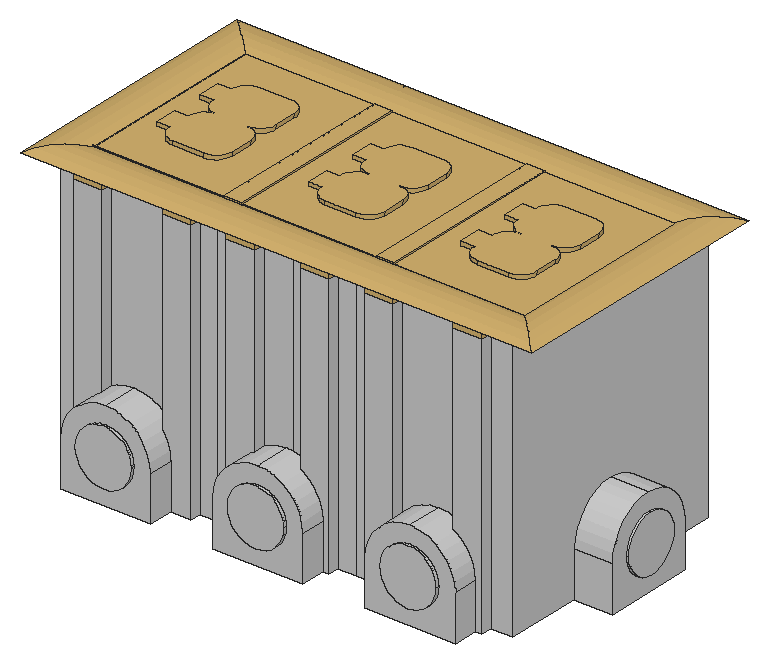
Revit family "Electrical_Equipment-Floor_Box-Hubbell_Wiring-3_Gang-Rectangular_Metal_Cover-PFBRG3", category Electrical Fixtures, host Face, Revit 2015
Parameters (values of type "PFBRG3 - 3 Gang - Metal Cover")
  Unit Height Note [instance] = "Min = 3.0in.  Max = 6.0in."  # constant formula
  Unit Height [instance] = 0' - 6"
  URL = "http://www.hubbell-wiring.com/"
  Right Cover Type [instance] = Covers : S3825 - Duplex Flap - Brass
  Product data url = "https://bimobject.com/hubbellwiring/product/systemone-pfbrg3m"
  Product Page URL = "http://ecatalog.hubbell-wiring.com/productinformation/viewcatalog.aspx?Dest=hubbell-wiring.com/press/catalog/L.pdf&Page=4"
  Product Documentation Link = "http://ecatalog.hubbell-wiring.com/press/catalog/L-11.pdf"
  Model = "PFBRG3"
  Manufacturer = "Hubbell-Wiring"  # constant formula
  Left Cover Type [instance] = Covers : S3825 - Duplex Flap - Brass
  Floor Box Type = Non_Metallic Concrete Floor Box : PFBRG3 - Non_Metallic Concrete Floor Box
  Description = "Flush Rectangular Non-Metallic Concrete Floor Boxes with Metal Covers"  # constant formula
  Default Elevation = 0' - 0"
  Cover Accessory Type [instance] = Carpet Flange : SA3085 - 2-Piece Carpet Flange - Aluminum
  Construction Note [instance] = "2-Piece Carpet Flange Uses Adapter Frame S5017G or SA5017G"  # constant formula
  Conduit Connector_8 Description = "Conduit 1.25in. Connection"  # constant formula
  Conduit Connector_7 Description = "Conduit 1.25in. Connection"  # constant formula
  Conduit Connector_6 Description = "Conduit 1.25in. Connection"  # constant formula
  Conduit Connector_5 Description = "Conduit 1.25in. Connection"  # constant formula
  Conduit Connector_4 Description = "Conduit 1.25in. Connection"  # constant formula
  Conduit Connector_3 Description = "Conduit 1.25in. Connection"  # constant formula
  Conduit Connector_2 Description = "Conduit 1.25in. Connection"  # constant formula
  Conduit Connector_1 Description = "Conduit 1.25in. Connection"  # constant formula
  Conduit Connector 1 Radius = 0' - 0 5/8"  # constant formula
  Collar Material = Metal-Hubbell-Brass
  Center Cover Type [instance] = Covers : S3825 - Duplex Flap - Brass
  Box Material = Non_Metallic-Hubbell-Plastic
  Assembly Code = "D5020115"
  Adapter Ring Part Number = "PFBRAC"
  Adapter Frame Part Number = "S5017G / SA5017G"
Reference planes (in)
  plane 1 "Center (Front/Back)": y = 0
  plane 2: z = 0
  plane 3 "Center (Left/Right)": x = 0
Forms (in)
  Extrusion 1, void, detail levels fine
    sketch origin (0, 0, 0) x (1, 0, 0) y (0, 1, 0)
      loop
        line (-5.01062, 3) -> (-5.01062, -3) -> (5.01063, -3) -> (5.01063, 3) -> (-5.01062, 3)
    from 0 to -6
Lines and regions (in)
  symbolic lines
    curve 1: line (-5.67, 3, 0) -> (5.67, 3, 0)
    curve 2: line (-5.67, -3, 0) -> (-5.67, 3, 0)
    curve 3: line (5.67, -3, 0) -> (-5.67, -3, 0)
    curve 4: line (5.67, 3, 0) -> (5.67, -3, 0)
    curve 5: line (-5.01062, 0, -6) -> (-5.01062, 0, 0)
    curve 6: line (5.01063, 0, -6) -> (-5.01062, 0, -6)
    curve 7: line (5.01063, 0, 0) -> (5.01063, 0, -6)
    curve 8: line (-5.01062, 0, -6) -> (-6.01937, 0, -6)
    curve 9: line (-6.01937, 0, -4) -> (-5.01062, 0, -4)
    curve 10: line (-6.01937, 0, -6) -> (-6.01937, 0, -4)
    curve 11: line (5.86062, 0, -6) -> (5.01063, 0, -6)
    curve 12: line (5.86062, 0, -4) -> (5.86062, 0, -6)
    curve 13: line (5.01063, 0, -4) -> (5.86062, 0, -4)
    curve 14: line (0, -2.955, -6) -> (0, -2.955, 0)
    curve 15: line (0, 2.955, -6) -> (0, -2.955, -6)
    curve 16: line (0, 2.955, 0) -> (0, 2.955, -6)
    curve 17: line (0, -3.50179, -4) -> (0, -2.955, -4)
    curve 18: line (0, -3.50179, -6) -> (0, -3.50179, -4)
    curve 19: line (0, -2.955, -6) -> (0, -3.50179, -6)
    curve 20: line (0, 3.56429, -6) -> (0, 2.955, -6)
    curve 21: line (0, 3.56429, -4) -> (0, 3.56429, -6)
    curve 22: line (0, 2.955, -4) -> (0, 3.56429, -4)
    curve 23: line (0, 2.955, -6) -> (0, 2.955, -4)
    curve 24: line (-5.67, 0, 0.0002) -> (5.67, 0, 0.0002)
    curve 25: line (-5.67, 0, 0.125) -> (-5.67, 0, 0.0002)
    curve 26: line (5.67, 0, 0.125) -> (-5.67, 0, 0.125)
    curve 27: line (5.67, 0, 0.0002) -> (5.67, 0, 0.125)
    curve 28: line (0, 3, -2.39471) -> (0, 3, 0)
    curve 29: line (0, -3, -2.39471) -> (0, 3, -2.39471)
    curve 30: line (0, -3, 0) -> (0, -3, -2.39471)
    curve 31: line (0, 3, 0) -> (0, -79.70833, 0)
Dimensions and locks (in)
  locked: host face to nested 3 at 0.04297
  aligned and locked: plane 2 to host face
  aligned and locked: level to host face
  aligned: level to Extrusion 1
  aligned and locked: plane 1 "Center (Front/Back)" to nested 1
  aligned: plane 2 to nested 1  (x4)
  aligned: Extrusion 1 to nested 1  (x8)
  aligned and locked: plane 1 "Center (Front/Back)" to nested 2
  aligned and locked: plane 3 "Center (Left/Right)" to nested 2
  aligned and locked: plane 3 "Center (Left/Right)" to nested 1
  aligned: plane 2 to nested 2
  aligned: Extrusion 1 to nested 2  (x2)
  aligned: nested 1 to Extrusion 1
  aligned: nested 2 to plane 2  (x2)
  aligned and locked: host face to Extrusion 1
  aligned and locked: plane 1 "Center (Front/Back)" to nested 3
  aligned: nested 3 to nested 1  (x2)
  aligned: nested 4 to nested 1  (x2)
  aligned and locked: plane 1 "Center (Front/Back)" to nested 4
  aligned and locked: nested 4 to nested 3
  aligned and locked: plane 3 "Center (Left/Right)" to nested 5
  aligned and locked: plane 1 "Center (Front/Back)" to nested 5
  aligned and locked: nested 4 to nested 5
  aligned and locked: nested 1 to nested 3
  aligned and locked: nested 4 to nested 1
  aligned and locked: Extrusion 1 to nested 1  (x3)
  aligned and locked: plane 2 to nested 1
  aligned and locked: nested 2 to host face
  aligned and locked: Extrusion 1 to nested 2
  aligned and locked: curve 1 to nested 2
  aligned and locked: curve 2 to nested 2
  aligned and locked: curve 4 to nested 2
  aligned and locked: curve 3 to nested 2
  aligned and locked: curve 5 to nested 1
  aligned and locked: curve 6 to nested 1
  aligned and locked: curve 6 to curve 8
  aligned and locked: curve 10 to nested 1
  aligned and locked: curve 11 to nested 1
  aligned and locked: curve 12 to nested 1
  aligned and locked: curve 14 to nested 1
  aligned and locked: nested 1 to curve 15
  aligned and locked: curve 16 to nested 1
  aligned and locked: curve 18 to nested 1
  aligned and locked: curve 15 to curve 19
  aligned and locked: curve 20 to nested 1
  aligned and locked: curve 23 to curve 16
  aligned and locked: curve 17 to curve 22
  aligned and locked: curve 25 to nested 2
  aligned and locked: nested 2 to curve 27
  aligned and locked: nested 2 to curve 28
  aligned and locked: curve 30 to nested 2
  aligned and locked: curve 31 to plane 2
  aligned and locked: Extrusion 1 sketch curve to curve 3
Nested families (in)
  nested 1: "Non_Metallic Concrete Floor Box" at (-3.37688, 0, 0), Unit Height <- "Unit Height", type <- "Floor Box Type", type "PFBRG3 - Non_Metallic Concrete Floor Box"
    with Unit Height 0' - 6"
  nested 2: "Carpet Flange" at (0, 0, 0), type <- "Cover Accessory Type", type "SA3085 - 2-Piece Carpet Flange - Aluminum"
  nested 3: "Covers" at (-3.37687, 0, -0.04297), type <- "Left Cover Type", type "S3825 - Duplex Flap - Brass"
  nested 4: "Covers" at (3.37688, 0, -0.04297), type <- "Right Cover Type", type "S3825 - Duplex Flap - Brass"
  nested 5: "Covers" at (0, 0, -0.04297), type <- "Center Cover Type", type "S3825 - Duplex Flap - Brass"
Connectors (in)
  cabletrayconduit at (-3.37687, -3.56429, -5), diameter 1.25, driven by "Conduit Connector 1 Radius", driven by "Conduit Connector_1 Description"
    settings: on nested 1, index 1, connector width 1' - 0", connector height 1' - 0", connector angle 0.00°, system type 32, placement type 0, profile type 0, connector reference index -1, is primary connector yes, connector utility param no, connector description "Conduit 1.25in. Connection"
  cabletrayconduit at (0, -3.56429, -5), diameter 1.25, driven by "Conduit Connector 1 Radius", driven by "Conduit Connector_2 Description"
    settings: on nested 1, index 2, connector width 1' - 0", connector height 1' - 0", connector angle 0.00°, system type 32, placement type 0, profile type 0, connector reference index -1, is primary connector no, connector utility param no, connector description "Conduit 1.25in. Connection"
  cabletrayconduit at (3.37688, -3.56429, -5), diameter 1.25, driven by "Conduit Connector 1 Radius", driven by "Conduit Connector_3 Description"
    settings: on nested 1, index 3, connector width 1' - 0", connector height 1' - 0", connector angle 0.00°, system type 32, placement type 0, profile type 0, connector reference index -1, is primary connector no, connector utility param no, connector description "Conduit 1.25in. Connection"
  cabletrayconduit at (5.92312, -0.00392, -5), diameter 1.25, driven by "Conduit Connector 1 Radius", driven by "Conduit Connector_4 Description"
    settings: on nested 1, index 4, connector width 1' - 0", connector height 1' - 0", connector angle 0.00°, system type 32, placement type 0, profile type 0, connector reference index -1, is primary connector no, connector utility param no, connector description "Conduit 1.25in. Connection"
  cabletrayconduit at (3.37688, 3.56429, -5), diameter 1.25, driven by "Conduit Connector 1 Radius", driven by "Conduit Connector_5 Description"
    settings: on nested 1, index 5, connector width 1' - 0", connector height 1' - 0", connector angle 0.00°, system type 32, placement type 0, profile type 0, connector reference index -1, is primary connector no, connector utility param no, connector description "Conduit 1.25in. Connection"
  cabletrayconduit at (0, 3.56429, -5), diameter 1.25, driven by "Conduit Connector 1 Radius", driven by "Conduit Connector_6 Description"
    settings: on nested 1, index 6, connector width 1' - 0", connector height 1' - 0", connector angle 0.00°, system type 32, placement type 0, profile type 0, connector reference index -1, is primary connector no, connector utility param no, connector description "Conduit 1.25in. Connection"
  cabletrayconduit at (-3.37687, 3.56429, -5), diameter 1.25, driven by "Conduit Connector 1 Radius", driven by "Conduit Connector_7 Description"
    settings: on nested 1, index 7, connector width 1' - 0", connector height 1' - 0", connector angle 0.00°, system type 32, placement type 0, profile type 0, connector reference index -1, is primary connector no, connector utility param no, connector description "Conduit 1.25in. Connection"
  cabletrayconduit at (-6.08187, 0, -5), diameter 1.25, driven by "Conduit Connector 1 Radius", driven by "Conduit Connector_8 Description"
    settings: on nested 1, index 8, connector width 1' - 0", connector height 1' - 0", connector angle 0.00°, system type 32, placement type 0, profile type 0, connector reference index -1, is primary connector no, connector utility param no, connector description "Conduit 1.25in. Connection"
Definition of nested family "Non_Metallic Concrete Floor Box"
  Parameters
    Unit Height [instance] = 0' - 6"
    Cover Material = none
    Conduit Connector Offset = 0' - 1"
    Conduit Connector 1 Radius = 0' - 0 5/8"
    Can Material = none
    Assembly Code = ""
  Reference planes (in)
    plane 1 "Center (Front/Back)": y = 0
    plane 2: z = 0
    plane 3 "Left Cover": x = 0
    plane 4: z = -6
    plane 5: z = -5
    plane 6 "Center Cover": x = 3.37688
    plane 7 "Right Cover": x = 6.75375
  Forms (in)
    Extrusion 1, solid, material <- "Can Material"
      sketch origin (0, 0, 0) x (1, 0, 0) y (0, 0, -1)
        loop
          arc (-0.625, 5) -> (-0.44194, 4.55806) -> (0, 4.375) r 0.625
          arc (0, 4.375) -> (0.44194, 4.55806) -> (0.625, 5) r 0.625
          arc (0.625, 5) -> (0.44194, 5.44194) -> (0, 5.625) r 0.625
          arc (0, 5.625) -> (-0.44194, 5.44194) -> (-0.625, 5) r 0.625
      from -3.50179 to -3.56429
    Extrusion 2, solid, material <- "Can Material"
      sketch origin (0, 0, -2) x (1, 0, 0) y (0, 0, 1)
        loop
          line (-1, -4) -> (1, -4) -> (1, -3)
          arc (1, -3) -> (0.70711, -2.29289) -> (0, -2) r 1
          arc (0, -2) -> (-0.70711, -2.29289) -> (-1, -3) r 1
          line (-1, -3) -> (-1, -4)
      from 2.705 to 3.50179
    Extrusion 3, solid, material <- "Can Material"
      sketch origin (0, 0, 0) x (1, 0, 0) y (0, 0, 1)
        loop
          arc (-0.625, -5) -> (-0.44194, -5.44194) -> (0, -5.625) r 0.625
          arc (0, -5.625) -> (0.44194, -5.44194) -> (0.625, -5) r 0.625
          arc (0.625, -5) -> (0.44194, -4.55806) -> (0, -4.375) r 0.625
          arc (0, -4.375) -> (-0.44194, -4.55806) -> (-0.625, -5) r 0.625
      from -3.50179 to -3.56429
    Extrusion 4, solid, material <- "Can Material"
      sketch origin (0, 0, 0) x (1, 0, 0) y (0, 0, -1)
        loop
          arc (-1, 5) -> (-0.70711, 4.29289) -> (0, 4) r 1
          arc (0, 4) -> (0.70711, 4.29289) -> (1, 5) r 1
          line (1, 5) -> (1, 6) -> (-1, 6) -> (-1, 5)
      from 2.705 to 3.50179
    Extrusion 5, solid, material <- "Can Material"
      sketch origin (0, 0, 0) x (0, 1, 0) y (0, 0, 1)
        loop
          arc (-0.625, -5) -> (-0.44194, -5.44194) -> (0, -5.625) r 0.625
          arc (0, -5.625) -> (0.44194, -5.44194) -> (0.625, -5) r 0.625
          arc (0.625, -5) -> (0.44194, -4.55806) -> (0, -4.375) r 0.625
          arc (0, -4.375) -> (-0.44194, -4.55806) -> (-0.625, -5) r 0.625
      from -2.6425 to -2.705
    Extrusion 6, solid, material <- "Can Material"
      sketch origin (0, 0, 0) x (0, 1, 0) y (0, 0, -1)
        loop
          line (-1, 6) -> (-1, 5)
          arc (-1, 5) -> (-0.70711, 4.29289) -> (0, 4) r 1
          arc (0, 4) -> (0.70711, 4.29289) -> (1, 5) r 1
          line (1, 5) -> (1, 6) -> (-1, 6)
      from 1.4965 to 2.6425
    Extrusion 7, solid, material <- "Cover Material"
      sketch origin (0, 0, 0.22509) x (1, 0, 0) y (0, 1, 0)
        loop
          line (4.87338, 2.078) -> (1.88038, 2.078) -> (1.88038, -2.078) -> (4.87338, -2.078) -> (4.87338, 2.078)
        loop
          line (-1.4965, 2.078) -> (-1.4965, -2.078) -> (1.4965, -2.078) -> (1.4965, 2.078) -> (-1.4965, 2.078)
        loop
          line (-1.14044, 2.705) -> (-1.63375, 2.705) -> (-1.63375, -2.705) -> (-1.14044, -2.705) -> (-1.14044, -2.955) -> (-0.51424, -2.955) -> (-0.51424, -2.705) -> (0.82674, -2.705) -> (0.82674, -2.955) -> (1.45294, -2.955) -> (1.45294, -2.705) -> (1.82958, -2.705) -> (2.23644, -2.705) -> (2.23644, -2.955) -> (2.86264, -2.955) -> (2.86264, -2.705) -> (3.53312, -2.705) -> (3.89111, -2.705) -> (3.89111, -2.955) -> (4.51731, -2.955) -> (4.51731, -2.705) -> (4.92417, -2.705) -> (5.30081, -2.705) -> (5.30081, -2.955) -> (5.92701, -2.955) -> (5.92701, -2.705) -> (7.26799, -2.705) -> (7.26799, -2.955) -> (7.89419, -2.955) -> (7.89419, -2.705) -> (8.3875, -2.705) -> (8.3875, 2.705) -> (7.89419, 2.705) -> (7.89419, 2.955) -> (7.26799, 2.955) -> (7.26799, 2.705) -> (5.92701, 2.705) -> (5.92701, 2.955) -> (5.30081, 2.955) -> (5.30081, 2.705) -> (5.04861, 2.705) -> (4.51731, 2.705) -> (4.51731, 2.955) -> (3.89111, 2.955) -> (3.89111, 2.705) -> (2.86264, 2.705) -> (2.86264, 2.955) -> (2.23644, 2.955) -> (2.23644, 2.705) -> (1.70514, 2.705) -> (1.45294, 2.705) -> (1.45294, 2.955) -> (0.82674, 2.955) -> (0.82674, 2.705) -> (-0.51424, 2.705) -> (-0.51424, 2.955) -> (-1.14044, 2.955) -> (-1.14044, 2.705)
        loop
          line (8.25025, 2.078) -> (5.25725, 2.078) -> (5.25725, -2.078) -> (8.25025, -2.078) -> (8.25025, 2.078)
      from -0.36509 to -0.22509
    Extrusion 8, solid, material <- "Can Material"
      sketch origin (0, 0, 7.9375) x (1, 0, 0) y (0, 1, 0)
        loop
          line (0.82674, 2.705) -> (-0.51424, 2.705) -> (-0.51424, 2.955) -> (-1.14044, 2.955) -> (-1.14044, 2.705) -> (-1.63375, 2.705) -> (-1.63375, -2.705) -> (-1.14044, -2.705) -> (-1.14044, -2.955) -> (-0.51424, -2.955) -> (-0.51424, -2.705) -> (0.82674, -2.705) -> (0.82674, -2.955) -> (1.45294, -2.955) -> (1.45294, -2.705) -> (1.82958, -2.705) -> (2.23644, -2.705) -> (2.23644, -2.955) -> (2.86264, -2.955) -> (2.86264, -2.705) -> (3.53312, -2.705) -> (3.89111, -2.705) -> (3.89111, -2.955) -> (4.51731, -2.955) -> (4.51731, -2.705) -> (4.92417, -2.705) -> (5.30081, -2.705) -> (5.30081, -2.955) -> (5.92701, -2.955) -> (5.92701, -2.705) -> (7.26799, -2.705) -> (7.26799, -2.955) -> (7.89419, -2.955) -> (7.89419, -2.705) -> (8.3875, -2.705) -> (8.3875, 2.705) -> (7.89419, 2.705) -> (7.89419, 2.955) -> (7.26799, 2.955) -> (7.26799, 2.705) -> (5.92701, 2.705) -> (5.92701, 2.955) -> (5.30081, 2.955) -> (5.30081, 2.705) -> (5.04861, 2.705) -> (4.51731, 2.705) -> (4.51731, 2.955) -> (3.89111, 2.955) -> (3.89111, 2.705) -> (2.86264, 2.705) -> (2.86264, 2.955) -> (2.23644, 2.955) -> (2.23644, 2.705) -> (1.70514, 2.705) -> (1.45294, 2.705) -> (1.45294, 2.955) -> (0.82674, 2.955) -> (0.82674, 2.705)
      from -13.9375 to -12.9375
    Extrusion 9, solid, material <- "Can Material"
      sketch origin (0, 0, 7.9375) x (1, 0, 0) y (0, 1, 0)
        loop
          line (0.82674, 2.705) -> (-0.51424, 2.705) -> (-0.51424, 2.955) -> (-1.14044, 2.955) -> (-1.14044, 2.705) -> (-1.63375, 2.705) -> (-1.63375, -2.705) -> (-1.14044, -2.705) -> (-1.14044, -2.955) -> (-0.51424, -2.955) -> (-0.51424, -2.705) -> (0.82674, -2.705) -> (0.82674, -2.955) -> (1.45294, -2.955) -> (1.45294, -2.705) -> (1.82958, -2.705) -> (2.23644, -2.705) -> (2.23644, -2.955) -> (2.86264, -2.955) -> (2.86264, -2.705) -> (3.53312, -2.705) -> (3.89111, -2.705) -> (3.89111, -2.955) -> (4.51731, -2.955) -> (4.51731, -2.705) -> (4.92417, -2.705) -> (5.30081, -2.705) -> (5.30081, -2.955) -> (5.92701, -2.955) -> (5.92701, -2.705) -> (7.26799, -2.705) -> (7.26799, -2.955) -> (7.89419, -2.955) -> (7.89419, -2.705) -> (8.3875, -2.705) -> (8.3875, 2.705) -> (7.89419, 2.705) -> (7.89419, 2.955) -> (7.26799, 2.955) -> (7.26799, 2.705) -> (5.92701, 2.705) -> (5.92701, 2.955) -> (5.30081, 2.955) -> (5.30081, 2.705) -> (5.04861, 2.705) -> (4.51731, 2.705) -> (4.51731, 2.955) -> (3.89111, 2.955) -> (3.89111, 2.705) -> (2.86264, 2.705) -> (2.86264, 2.955) -> (2.23644, 2.955) -> (2.23644, 2.705) -> (1.70514, 2.705) -> (1.45294, 2.705) -> (1.45294, 2.955) -> (0.82674, 2.955) -> (0.82674, 2.705)
        loop
          line (-1.4965, 2.078) -> (-1.4965, -2.078) -> (1.4965, -2.078) -> (1.4965, 2.078) -> (-1.4965, 2.078)
        loop
          line (1.88038, 2.078) -> (1.88038, -2.078) -> (4.87338, -2.078) -> (4.87338, 2.078) -> (1.88038, 2.078)
        loop
          line (5.25725, 2.078) -> (5.25725, -2.078) -> (8.25025, -2.078) -> (8.25025, 2.078) -> (5.25725, 2.078)
      from -12.9375 to -8.0775
    Extrusion 10, solid, material <- "Can Material"
      sketch origin (3.37688, 0, 0) x (1, 0, 0) y (0, 0, -1)
        loop
          arc (-0.625, 5) -> (-0.44194, 4.55806) -> (0, 4.375) r 0.625
          arc (0, 4.375) -> (0.44194, 4.55806) -> (0.625, 5) r 0.625
          arc (0.625, 5) -> (0.44194, 5.44194) -> (0, 5.625) r 0.625
          arc (0, 5.625) -> (-0.44194, 5.44194) -> (-0.625, 5) r 0.625
      from -3.50179 to -3.56429
    Extrusion 11, solid, material <- "Can Material"
      sketch origin (3.37688, 0, -2) x (1, 0, 0) y (0, 0, 1)
        loop
          line (-1, -4) -> (1, -4) -> (1, -3)
          arc (1, -3) -> (0.70711, -2.29289) -> (0, -2) r 1
          arc (0, -2) -> (-0.70711, -2.29289) -> (-1, -3) r 1
          line (-1, -3) -> (-1, -4)
      from 2.705 to 3.50179
    Extrusion 12, solid, material <- "Can Material"
      sketch origin (3.37688, 0, 0) x (1, 0, 0) y (0, 0, 1)
        loop
          arc (-0.625, -5) -> (-0.44194, -5.44194) -> (0, -5.625) r 0.625
          arc (0, -5.625) -> (0.44194, -5.44194) -> (0.625, -5) r 0.625
          arc (0.625, -5) -> (0.44194, -4.55806) -> (0, -4.375) r 0.625
          arc (0, -4.375) -> (-0.44194, -4.55806) -> (-0.625, -5) r 0.625
      from -3.50179 to -3.56429
    Extrusion 13, solid, material <- "Can Material"
      sketch origin (3.37688, 0, 0) x (1, 0, 0) y (0, 0, -1)
        loop
          arc (-1, 5) -> (-0.70711, 4.29289) -> (0, 4) r 1
          arc (0, 4) -> (0.70711, 4.29289) -> (1, 5) r 1
          line (1, 5) -> (1, 6) -> (-1, 6) -> (-1, 5)
      from 2.705 to 3.50179
    Extrusion 14, solid, material <- "Can Material"
      sketch origin (6.66913, -0.00392, 0) x (0, 1, 0) y (0, 0, -1)
        loop
          arc (-0.625, 5) -> (-0.44194, 4.55806) -> (0, 4.375) r 0.625
          arc (0, 4.375) -> (0.44194, 4.55806) -> (0.625, 5) r 0.625
          arc (0.625, 5) -> (0.44194, 5.44194) -> (0, 5.625) r 0.625
          arc (0, 5.625) -> (-0.44194, 5.44194) -> (-0.625, 5) r 0.625
      from -2.56837 to -2.63087
    Extrusion 15, solid, material <- "Can Material"
      sketch origin (6.595, 0, 0) x (0, 1, 0) y (0, 0, 1)
        loop
          arc (0, -4) -> (-0.70711, -4.29289) -> (-1, -5) r 1
          line (-1, -5) -> (-1, -6) -> (1, -6) -> (1, -5)
          arc (1, -5) -> (0.70711, -4.29289) -> (0, -4) r 1
      from 1.66217 to 2.6425
    Extrusion 16, solid, material <- "Can Material"
      sketch origin (6.75375, 0, 0) x (1, 0, 0) y (0, 0, -1)
        loop
          arc (-0.625, 5) -> (-0.44194, 4.55806) -> (0, 4.375) r 0.625
          arc (0, 4.375) -> (0.44194, 4.55806) -> (0.625, 5) r 0.625
          arc (0.625, 5) -> (0.44194, 5.44194) -> (0, 5.625) r 0.625
          arc (0, 5.625) -> (-0.44194, 5.44194) -> (-0.625, 5) r 0.625
      from -3.50179 to -3.56429
    Extrusion 17, solid, material <- "Can Material"
      sketch origin (6.75375, 0, -2) x (1, 0, 0) y (0, 0, 1)
        loop
          line (-1, -4) -> (1, -4) -> (1, -3)
          arc (1, -3) -> (0.70711, -2.29289) -> (0, -2) r 1
          arc (0, -2) -> (-0.70711, -2.29289) -> (-1, -3) r 1
          line (-1, -3) -> (-1, -4)
      from 2.705 to 3.50179
    Extrusion 18, solid, material <- "Can Material"
      sketch origin (6.75375, 0, 0) x (1, 0, 0) y (0, 0, 1)
        loop
          arc (-0.625, -5) -> (-0.44194, -5.44194) -> (0, -5.625) r 0.625
          arc (0, -5.625) -> (0.44194, -5.44194) -> (0.625, -5) r 0.625
          arc (0.625, -5) -> (0.44194, -4.55806) -> (0, -4.375) r 0.625
          arc (0, -4.375) -> (-0.44194, -4.55806) -> (-0.625, -5) r 0.625
      from -3.50179 to -3.56429
    Extrusion 19, solid, material <- "Can Material"
      sketch origin (6.75375, 0, 0) x (1, 0, 0) y (0, 0, -1)
        loop
          arc (-1, 5) -> (-0.70711, 4.29289) -> (0, 4) r 1
          arc (0, 4) -> (0.70711, 4.29289) -> (1, 5) r 1
          line (1, 5) -> (1, 6) -> (-1, 6) -> (-1, 5)
      from 2.705 to 3.50179
  Cuts and joins
    joined: Extrusion 1, Extrusion 2, Extrusion 3, Extrusion 4, Extrusion 5, Extrusion 6, Extrusion 8, Extrusion 9, Extrusion 10, Extrusion 11, Extrusion 12, Extrusion 13, Extrusion 14, Extrusion 15, Extrusion 16, Extrusion 17, Extrusion 18, Extrusion 19
  Dimensions and locks (in)
    "Conduit Connector Offset": plane 5 to plane 4
    "Unit Height": level to plane 4
    "Conduit Connector 1 Radius": radius of Extrusion 1 sketch curve
    "Conduit Connector 1 Radius": radius of Extrusion 3 sketch curve
    "Conduit Connector 1 Radius": radius of Extrusion 5 sketch curve
    "Conduit Connector 1 Radius": radius of Extrusion 10 sketch curve
    "Conduit Connector 1 Radius": radius of Extrusion 12 sketch curve
    "Conduit Connector 1 Radius": radius of Extrusion 14 sketch curve
    "Conduit Connector 1 Radius": radius of Extrusion 16 sketch curve
    "Conduit Connector 1 Radius": radius of Extrusion 18 sketch curve
    aligned and locked: plane 2 to level
    aligned and locked: Extrusion 1 to Extrusion 2
    aligned and locked: Extrusion 4 to Extrusion 3
    aligned and locked: Extrusion 6 to Extrusion 5
    aligned: plane 2 to Extrusion 7
    aligned: plane 4 to Extrusion 8
    aligned and locked: level to Extrusion 7
    aligned: Extrusion 8 to plane 5
    aligned and locked: Extrusion 9 to plane 5
    aligned and locked: Extrusion 7 to Extrusion 9
    aligned and locked: Extrusion 10 to Extrusion 11
    aligned and locked: Extrusion 13 to Extrusion 12
    aligned and locked: Extrusion 14 to Extrusion 15
    aligned and locked: Extrusion 16 to Extrusion 17
    aligned and locked: Extrusion 19 to Extrusion 18
    aligned and locked: cut or joined group 1 (Extrusion 1, Extrusion 2, Extrusion 3, Extrusion 4, Extrusion 5, Extrusion 6, Extrusion 8, Extrusion 9, Extrusion 10, Extrusion 11, Extrusion 12, Extrusion 13, Extrusion 14, Extrusion 15, Extrusion 16, Extrusion 17, Extrusion 18, Extrusion 19) to plane 5  (x4)
    aligned and locked: cut or joined group 1 to plane 4  (x9)
    aligned and locked: plane 4 to cut or joined group 1  (x3)
    aligned and locked: plane 5 to cut or joined group 1  (x6)
  Automatic sketch dimensions
    Extrusion 1 sketch curve to Extrusion 1 sketch curve = 0' - 0"
    Extrusion 1 sketch curve to plane 5 = 0' - 0"
    Extrusion 1 sketch curve to plane 3 "Left Cover" = 0' - 0"
    Extrusion 2 sketch curve to Extrusion 2 sketch curve = 0' - 0"  (x2)
    Extrusion 2 sketch curve to plane 5 = 0' - 0"
    Extrusion 2 sketch curve to plane 4 = 0' - 0"
    Extrusion 2 sketch curve to plane 3 "Left Cover" = 0' - 0"
    Extrusion 2 sketch curve to plane 3 "Left Cover" = 0' - 1"
    Extrusion 3 sketch curve to Extrusion 3 sketch curve = 0' - 0"
    Extrusion 3 sketch curve to plane 5 = 0' - 0"
    Extrusion 3 sketch curve to plane 3 "Left Cover" = 0' - 0"
    Extrusion 4 sketch curve to Extrusion 4 sketch curve = 0' - 0"  (x2)
    Extrusion 4 sketch curve to plane 5 = 0' - 0"
    Extrusion 4 sketch curve to plane 4 = 0' - 0"
    Extrusion 4 sketch curve to plane 3 "Left Cover" = 0' - 0"
    Extrusion 4 sketch curve to Extrusion 4 sketch curve = 0' - 1"
    Extrusion 5 sketch curve to Extrusion 5 sketch curve = 0' - 0"
    Extrusion 5 sketch curve to plane 5 = 0' - 0"
    Extrusion 5 sketch curve to plane 1 "Center (Front/Back)" = 0' - 0"
    Extrusion 6 sketch curve to Extrusion 6 sketch curve = 0' - 0"  (x2)
    Extrusion 6 sketch curve to plane 4 = 0' - 0"
    Extrusion 6 sketch curve to plane 5 = 0' - 0"
    Extrusion 6 sketch curve to plane 1 "Center (Front/Back)" = 0' - 0"
    plane 1 "Center (Front/Back)" to Extrusion 6 sketch curve = 0' - 1"
    Extrusion 7 sketch curve to plane 3 "Left Cover" = 0' - 1.63375"
    Extrusion 7 sketch curve to Extrusion 7 sketch curve = 0' - 0.13725"
    Extrusion 7 sketch curve to Extrusion 7 sketch curve = 0' - 0.49331"  (x3)
    Extrusion 7 sketch curve to plane 3 "Left Cover" = 0' - 0.51424"  (x2)
    plane 3 "Left Cover" to Extrusion 7 sketch curve = 0' - 0.82674"  (x2)
    Extrusion 7 sketch curve to Extrusion 7 sketch curve = 0' - 0.5313"  (x2)
    Extrusion 7 sketch curve to Extrusion 7 sketch curve = 0' - 0.40685"  (x2)
    plane 6 "Center Cover" to Extrusion 7 sketch curve = 0' - 0.51424"  (x2)
    Extrusion 7 sketch curve to plane 6 "Center Cover" = 0' - 0 5/32"
    Extrusion 7 sketch curve to Extrusion 7 sketch curve = 0' - 0.35799"
    Extrusion 7 sketch curve to plane 6 "Center Cover" = 0' - 0.51424"
    Extrusion 7 sketch curve to Extrusion 7 sketch curve = 0' - 0.6262"  (x8)
    Extrusion 7 sketch curve to plane 7 "Right Cover" = 0' - 0.51424"  (x2)
    Extrusion 7 sketch curve to Extrusion 7 sketch curve = 0' - 0.35606"  (x2)
    plane 1 "Center (Front/Back)" to Extrusion 7 sketch curve = 0' - 2.955"
    Extrusion 7 sketch curve to Extrusion 7 sketch curve = 0' - 0"  (x10)
    Extrusion 7 sketch curve to Extrusion 7 sketch curve = 0' - 0 1/4"  (x13)
    Extrusion 7 sketch curve to Extrusion 7 sketch curve = 0' - 0.627"  (x7)
    Extrusion 7 sketch curve to plane 1 "Center (Front/Back)" = 0' - 2.078"
    Extrusion 8 sketch curve to plane 3 "Left Cover" = 0' - 1.63375"
    Extrusion 8 sketch curve to Extrusion 8 sketch curve = 0' - 0.49331"  (x3)
    Extrusion 8 sketch curve to plane 3 "Left Cover" = 0' - 0.51424"  (x2)
    plane 3 "Left Cover" to Extrusion 8 sketch curve = 0' - 0.82674"  (x2)
    Extrusion 8 sketch curve to Extrusion 8 sketch curve = 0' - 0.40685"  (x2)
    plane 6 "Center Cover" to Extrusion 8 sketch curve = 0' - 0.51424"  (x2)
    Extrusion 8 sketch curve to plane 6 "Center Cover" = 0' - 0 5/32"
    Extrusion 8 sketch curve to plane 6 "Center Cover" = 0' - 0.51424"
    Extrusion 8 sketch curve to Extrusion 8 sketch curve = 0' - 0.35799"
    Extrusion 8 sketch curve to Extrusion 8 sketch curve = 0' - 0.6262"  (x8)
    Extrusion 8 sketch curve to plane 7 "Right Cover" = 0' - 0.51424"  (x2)
    plane 1 "Center (Front/Back)" to Extrusion 8 sketch curve = 0' - 2.955"  (x3)
    Extrusion 8 sketch curve to Extrusion 8 sketch curve = 0' - 0"  (x7)
    Extrusion 8 sketch curve to Extrusion 8 sketch curve = 0' - 0 1/4"  (x13)
    Extrusion 8 sketch curve to plane 1 "Center (Front/Back)" = 0' - 2.705"  (x3)
    Extrusion 9 sketch curve to plane 3 "Left Cover" = 0' - 1.63375"
    Extrusion 9 sketch curve to Extrusion 9 sketch curve = 0' - 0.13725"
    Extrusion 9 sketch curve to Extrusion 9 sketch curve = 0' - 0.49331"  (x3)
    Extrusion 9 sketch curve to plane 3 "Left Cover" = 0' - 0.51424"  (x2)
    plane 3 "Left Cover" to Extrusion 9 sketch curve = 0' - 0.82674"  (x2)
    Extrusion 9 sketch curve to Extrusion 9 sketch curve = 0' - 0.40685"  (x2)
    plane 6 "Center Cover" to Extrusion 9 sketch curve = 0' - 0.51424"  (x2)
    Extrusion 9 sketch curve to plane 6 "Center Cover" = 0' - 0 5/32"
    Extrusion 9 sketch curve to Extrusion 9 sketch curve = 0' - 0.35799"
    Extrusion 9 sketch curve to plane 6 "Center Cover" = 0' - 0.51424"
    Extrusion 9 sketch curve to Extrusion 9 sketch curve = 0' - 0.6262"  (x8)
    Extrusion 9 sketch curve to plane 7 "Right Cover" = 0' - 0.51424"  (x2)
    Extrusion 9 sketch curve to Extrusion 9 sketch curve = 0' - 0.35606"  (x2)
    plane 1 "Center (Front/Back)" to Extrusion 9 sketch curve = 0' - 2.955"  (x2)
    Extrusion 9 sketch curve to Extrusion 9 sketch curve = 0' - 0"  (x10)
    Extrusion 9 sketch curve to Extrusion 9 sketch curve = 0' - 0 1/4"  (x13)
    Extrusion 9 sketch curve to Extrusion 9 sketch curve = 0' - 0.627"  (x5)
    Extrusion 9 sketch curve to plane 1 "Center (Front/Back)" = 0' - 2.078"  (x2)
    Extrusion 10 sketch curve to Extrusion 10 sketch curve = 0' - 0"
    Extrusion 10 sketch curve to plane 5 = 0' - 0"
    plane 6 "Center Cover" to Extrusion 10 sketch curve = 0' - 0"
    Extrusion 11 sketch curve to Extrusion 11 sketch curve = 0' - 0"
    Extrusion 11 sketch curve to plane 5 = 0' - 0"
    Extrusion 11 sketch curve to plane 4 = 0' - 0"
    plane 6 "Center Cover" to Extrusion 11 sketch curve = 0' - 0"
    Extrusion 12 sketch curve to Extrusion 12 sketch curve = 0' - 0"
    Extrusion 12 sketch curve to plane 5 = 0' - 0"
    plane 6 "Center Cover" to Extrusion 12 sketch curve = 0' - 0"
    Extrusion 13 sketch curve to Extrusion 13 sketch curve = 0' - 0"
    Extrusion 13 sketch curve to plane 5 = 0' - 0"
    Extrusion 13 sketch curve to plane 4 = 0' - 0"
    plane 6 "Center Cover" to Extrusion 13 sketch curve = 0' - 0"
    Extrusion 14 sketch curve to Extrusion 14 sketch curve = 0' - 0"
    Extrusion 14 sketch curve to plane 5 = 0' - 0"
    plane 1 "Center (Front/Back)" to Extrusion 14 sketch curve = 0' - 0 161/256"
    Extrusion 15 sketch curve to Extrusion 15 sketch curve = 0' - 0"  (x2)
    Extrusion 15 sketch curve to plane 4 = 0' - 0"
    Extrusion 15 sketch curve to plane 5 = 0' - 0"
    Extrusion 15 sketch curve to plane 1 "Center (Front/Back)" = 0' - 0"
    plane 1 "Center (Front/Back)" to Extrusion 15 sketch curve = 0' - 1"
    Extrusion 16 sketch curve to Extrusion 16 sketch curve = 0' - 0"
    Extrusion 16 sketch curve to plane 5 = 0' - 0"
    plane 7 "Right Cover" to Extrusion 16 sketch curve = 0' - 0"
    Extrusion 17 sketch curve to Extrusion 17 sketch curve = 0' - 0"
    Extrusion 17 sketch curve to plane 5 = 0' - 0"
    Extrusion 17 sketch curve to plane 4 = 0' - 0"
    plane 7 "Right Cover" to Extrusion 17 sketch curve = 0' - 0"
    Extrusion 18 sketch curve to Extrusion 18 sketch curve = 0' - 0"
    Extrusion 18 sketch curve to plane 5 = 0' - 0"
    plane 7 "Right Cover" to Extrusion 18 sketch curve = 0' - 0"
    Extrusion 19 sketch curve to Extrusion 19 sketch curve = 0' - 0"
    Extrusion 19 sketch curve to plane 5 = 0' - 0"
    Extrusion 19 sketch curve to plane 4 = 0' - 0"
    plane 7 "Right Cover" to Extrusion 19 sketch curve = 0' - 0"
    Extrusion 7 sketch curve to Extrusion 7 sketch curve = 0' - 0.04356"
    Extrusion 7 sketch curve to Extrusion 7 sketch curve = 0' - 0.2522"  (x2)
    Extrusion 7 sketch curve to Extrusion 7 sketch curve = 0' - 0.37665"  (x2)
    Extrusion 7 sketch curve to Extrusion 7 sketch curve = 0' - 0.38388"  (x2)
    Extrusion 8 sketch curve to Extrusion 8 sketch curve = 0' - 0.2522"  (x2)
    Extrusion 8 sketch curve to Extrusion 8 sketch curve = 0' - 0.37665"  (x2)
    Extrusion 8 sketch curve to Extrusion 8 sketch curve = 0' - 0.5313"  (x2)
    Extrusion 9 sketch curve to Extrusion 9 sketch curve = 0' - 0.04356"
    Extrusion 9 sketch curve to Extrusion 9 sketch curve = 0' - 0.2522"  (x2)
    Extrusion 9 sketch curve to Extrusion 9 sketch curve = 0' - 0.37665"  (x2)
    Extrusion 9 sketch curve to Extrusion 9 sketch curve = 0' - 0.38388"  (x2)
    Extrusion 9 sketch curve to Extrusion 9 sketch curve = 0' - 0.5313"  (x2)
    plane 6 "Center Cover" to Extrusion 11 sketch curve = 0' - 1"
    Extrusion 13 sketch curve to Extrusion 13 sketch curve = 0' - 1"
    plane 7 "Right Cover" to Extrusion 17 sketch curve = 0' - 1"
    Extrusion 19 sketch curve to Extrusion 19 sketch curve = 0' - 1"
Definition of nested family "Carpet Flange"
  Parameters
    Width = 0' - 6"
    Tile Frame On = no
    Length = 0' - 11.34"
    Cover Material = none
    Assembly Code = ""
    2-Piece Flange = yes
    1-Piece Flange = no
  Reference planes (in)
    plane 1 "Center (Front/Back)": y = 0
    plane 2: z = 0
    plane 3 "Center (Left/Right)": x = 0
    plane 4: z = 0.125
    plane 5: z = 0.125
    plane 6: z = 0.125
  Forms (in)
    Sweep 1, solid, material <- "Cover Material", visible <- "2-Piece Flange"
      path in 3D
        loop
          line (-5.67, -3, 0) -> (5.67, -3, 0) -> (5.67, 3, 0) -> (-5.67, 3, 0) -> (-5.67, -3, 0)
      profile origin (-5.67, 0, 0) x (1, 0, 0) y (0, 0, 1)
        loop
          line (0, 0) -> (0.915, 0) -> (0.915, 0.03886)
          arc (0.915, 0.03886) -> (0.45305, 0.12419) -> (0, 0) r 1.05233
    Sweep 2, solid, material <- "Cover Material", visible <- "1-Piece Flange"
      path in 3D
        loop
          line (-5.67, 3, 0) -> (-5.67, -3, 0) -> (5.67, -3, 0) -> (5.67, 3, 0) -> (-5.67, 3, 0)
      profile origin (0, 3, 0) x (0, 1, 0) y (0, 0, -1)
        loop
          line (0, 0) -> (-0.915, 0) -> (-0.79, -0.125) -> (-0.125, -0.125) -> (0, -0.03882) -> (0, 0)
    Extrusion 3, solid, material <- "Cover Material"
      sketch origin (0.79781, 0, 0) x (1, 0, 0) y (0, 1, 0)
        loop
          line (-2.67781, 2.085) -> (-2.67781, -2.085) -> (-2.295, -2.085) -> (-2.295, 2.085) -> (-2.67781, 2.085)
      from -0.03489 to 0.0679
    Extrusion 4, solid, material <- "Cover Material"
      sketch origin (-0.79781, 0, 0) x (-1, 0, 0) y (0, -1, 0)
        loop
          line (-2.67781, -2.085) -> (-2.295, -2.085) -> (-2.295, 2.085) -> (-2.67781, 2.085) -> (-2.67781, -2.085)
      from -0.03489 to 0.0679
    Sweep 5, solid, material <- "Cover Material", visible <- "Tile Frame On"
      path in 3D
        loop
          line (-5.67, 3, 0) -> (-5.67, -3, 0) -> (5.67, -3, 0) -> (5.67, 3, 0) -> (-5.67, 3, 0)
      profile origin (0, 3, 0) x (0, 1, 0) y (0, 0, -1)
        loop
          line (-0.79, 0) -> (-0.94436, 0) -> (-0.79, -0.125) -> (-0.79, 0)
  Lines and regions (in)
    Masking region 1
      outline origin (-3.245, 0, 0) x (1, 0, 0) y (0, 1, 0)
        loop
          line (-2.42505, 3.00006) -> (-2.42505, -3.00006) -> (8.915, -3.00006) -> (8.915, 3.00006) -> (-2.42505, 3.00006)
    reference lines
      curve 1: line (-5.67, 3, 0) -> (-5.67, -3, 0)
      curve 2: line (-5.67, -3, 0) -> (5.67, -3, 0)
      curve 3: line (5.67, -3, 0) -> (5.67, 3, 0)
      curve 4: line (5.67, 3, 0) -> (-5.67, 3, 0)
    sketch lines
      curve 5: line (-5.67, 3, 0) -> (-5.67, -3, 0)
      curve 6: line (5.67, 3, 0) -> (-5.67, 3, 0)
      curve 7: line (5.67, -3, 0) -> (5.67, 3, 0)
      curve 8: line (-5.67, -3, 0) -> (5.67, -3, 0)
      curve 9: line (5.67, 3, 0) -> (-5.67, 3, 0)
      curve 10: line (5.67, -3, 0) -> (5.67, 3, 0)
      curve 11: line (-5.67, -3, 0) -> (5.67, -3, 0)
      curve 12: line (-5.67, 3, 0) -> (-5.67, -3, 0)
      curve 13: line (5.67, 3, 0) -> (-5.67, 3, 0)
      curve 14: line (5.67, -3, 0) -> (5.67, 3, 0)
      curve 15: line (-5.67, -3, 0) -> (5.67, -3, 0)
      curve 16: line (-5.67, 3, 0) -> (-5.67, -3, 0)
  Dimensions and locks (in)
    "Length": curve 1 to curve 3
    aligned and locked: plane 2 to level
  Automatic sketch dimensions
    curve 1 to plane 3 "Center (Left/Right)" = 0' - 5.67"
    plane 1 "Center (Front/Back)" to curve 1 = 0' - 3"
    curve 3 to plane 1 "Center (Front/Back)" = 0' - 3"
    profile plane to Sweep 1 sketch curve = 0' - 0"
    Sweep 1 sketch curve to profile plane = 0' - 0"
    Sweep 1 sketch curve to profile plane = 0' - 0.49771"
    profile plane to Sweep 1 sketch curve = 0' - 0.03886"
    Sweep 1 sketch curve to profile plane = 0' - 0.915"
    profile plane to Sweep 2 sketch curve = 0' - 0"
    Sweep 2 sketch curve to plane 5 = 0' - 0"
    Sweep 2 sketch curve to profile plane = 0' - 0"
    profile plane to Sweep 2 sketch curve = 0' - 0 1/8"
    Sweep 2 sketch curve to Sweep 2 sketch curve = 0' - 0.665"
    Sweep 2 sketch curve to Sweep 2 sketch curve = 0' - 0 1/8"
    Sweep 2 sketch curve to Sweep 2 sketch curve = 0' - 0.03882"
    Masking region 1 sketch curve to plane 3 "Center (Left/Right)" = 0' - 5.67005"
    plane 3 "Center (Left/Right)" to Masking region 1 sketch curve = 0' - 5.67"
    plane 1 "Center (Front/Back)" to Masking region 1 sketch curve = 0' - 3.00006"
    Masking region 1 sketch curve to plane 1 "Center (Front/Back)" = 0' - 3.00006"
    Extrusion 3 sketch curve to plane 3 "Center (Left/Right)" = 0' - 1.88"
    Extrusion 3 sketch curve to Extrusion 3 sketch curve = 0' - 0 49/128"
    plane 1 "Center (Front/Back)" to Extrusion 3 sketch curve = 0' - 2.085"
    Extrusion 3 sketch curve to plane 1 "Center (Front/Back)" = 0' - 2.085"
    plane 3 "Center (Left/Right)" to Extrusion 4 sketch curve = 0' - 1.88"
    Extrusion 4 sketch curve to Extrusion 4 sketch curve = 0' - 0 49/128"
    Extrusion 4 sketch curve to plane 1 "Center (Front/Back)" = 0' - 2.085"
    plane 1 "Center (Front/Back)" to Extrusion 4 sketch curve = 0' - 2.085"
    profile plane to Sweep 5 sketch curve = 0' - 0.79"
    profile plane to Sweep 5 sketch curve = 0' - 0"
    Sweep 5 sketch curve to plane 6 = 0' - 0"
    Sweep 5 sketch curve to Sweep 5 sketch curve = 0' - 0.15436"
Definition of nested family "Covers"
  Parameters
    Style Line Flap = no
    Duplex Screw = no
    Duplex Flap = yes
    Cover Material = none
    Combination Flap = no
    Box = yes
    Assembly Code = ""
  Reference planes (in)
    plane 1 "Center (Front/Back)": y = 0
    plane 2: z = 0
    plane 3 "Center (Left/Right)": x = 0
  Forms (in)
    Extrusion 1, solid, material <- "Cover Material", visible <- "Duplex Flap", detail levels medium+fine
      sketch origin (0, 0, -0.03016) x (1, 0, 0) y (0, 1, 0)
        loop
          arc (-0.34332, 1.20711) -> (-0.59332, 1.10355) -> (-0.69687, 0.85355) r 0.35355
          line (-0.69687, 0.85355) -> (-0.98976, 0.85355) -> (-0.98976, 0.35355) -> (-0.69687, 0.35355)
          arc (-0.69687, 0.35355) -> (-0.59332, 0.10355) -> (-0.34332, 0) r 0.35355
          arc (-0.34332, 0) -> (-0.59332, -0.10355) -> (-0.69687, -0.35355) r 0.35355
          line (-0.69687, -0.35355) -> (-0.98976, -0.35355) -> (-0.98976, -0.85355) -> (-0.69687, -0.85355)
          arc (-0.69687, -0.85355) -> (-0.59332, -1.10355) -> (-0.34332, -1.20711) r 0.35355
          line (-0.34332, -1.20711) -> (0.34332, -1.20711)
          arc (0.34332, -1.20711) -> (0.59332, -1.10355) -> (0.69687, -0.85355) r 0.35355
          line (0.69687, -0.85355) -> (0.69687, -0.35355)
          arc (0.69687, -0.35355) -> (0.59332, -0.10355) -> (0.34332, 0) r 0.35355
          arc (0.34332, 0) -> (0.59332, 0.10355) -> (0.69687, 0.35355) r 0.35355
          line (0.69687, 0.35355) -> (0.69687, 0.85355)
          arc (0.69687, 0.85355) -> (0.59332, 1.10355) -> (0.34332, 1.20711) r 0.35355
          line (0.34332, 1.20711) -> (-0.34332, 1.20711)
      from 0.12 to 0.20228
    Extrusion 2, solid, material <- "Cover Material", visible <- "Combination Flap", detail levels medium+fine
      sketch origin (0.0053, 0, -0.03016) x (1, 0, 0) y (0, 1, 0)
        loop
          circle (0, 0) r 1
        loop
          line (-0.08565, 0.54465) -> (-0.08565, -0.54465) -> (0.0625, -0.54465) -> (0.0625, 0.54465) -> (-0.08565, 0.54465)
      from 0.12 to 0.20228
    Extrusion 3, solid, material <- "Cover Material", visible <- "Duplex Screw", detail levels medium+fine
      sketch origin (0.01567, 0.75003, -0.03016) x (1, 0, 0) y (0, 1, 0)
        loop
          circle (-0.01567, -0.00003) r 0.75
        loop
          line (-0.07309, 0.39733) -> (-0.07309, -0.41965) -> (0.0625, -0.41965) -> (0.0625, 0.39733) -> (-0.07309, 0.39733)
      from 0.12 to 0.20228
    Extrusion 4, solid, material <- "Cover Material", visible <- "Duplex Screw", detail levels medium+fine
      sketch origin (-0.01567, -0.75003, -0.03016) x (-1, 0, 0) y (0, -1, 0)
        loop
          circle (-0.01567, -0.00003) r 0.75
        loop
          line (-0.07309, 0.39733) -> (-0.07309, -0.41965) -> (0.0625, -0.41965) -> (0.0625, 0.39733) -> (-0.07309, 0.39733)
      from 0.12 to 0.20228
    Extrusion 5, solid, material <- "Cover Material", visible <- "Box"
      sketch origin (0, 0, 0.38984) x (1, 0, 0) y (0, 1, 0)
        loop
          line (-1.4965, 2.078) -> (-1.4965, -2.078) -> (1.4965, -2.078) -> (1.4965, 2.078) -> (-1.4965, 2.078)
      from -0.44 to -0.3
    Extrusion 6, solid, material <- "Cover Material", visible <- "Style Line Flap", detail levels medium+fine
      sketch origin (0, 0, -0.03016) x (1, 0, 0) y (0, 1, 0)
        loop
          line (-0.69687, 1.20711) -> (-0.69687, 0.85355) -> (-0.98976, 0.85355) -> (-0.98976, 0.35355) -> (-0.69687, 0.35355) -> (-0.69687, -0.35355) -> (-0.98976, -0.35355) -> (-0.98976, -0.85355) -> (-0.69687, -0.85355) -> (-0.69687, -1.20711) -> (0.69687, -1.20711) -> (0.69687, -0.24767) -> (0.69687, 1.20711) -> (-0.69687, 1.20711)
      from 0.12 to 0.20228
  Lines and regions (in)
    Masking region 1, detail levels medium+fine
      outline origin (0, 0, 0) x (1, 0, 0) y (0, 1, 0)
        loop
          line (-1.4965, 2.078) -> (-1.4965, -2.078) -> (1.4965, -2.078) -> (1.4965, 2.078) -> (-1.4965, 2.078)
    symbolic lines, visible <- "Duplex Screw", detail levels fine
      curve 1: arc (0, 1.5, 0) -> (-0.75, 0.75, 0) -> (0, 0, 0) r 0.75
      curve 2: arc (0, 0, 0) -> (0.75, 0.75, 0) -> (0, 1.5, 0) r 0.75
      curve 3: line (0.07893, 1.16886, 0) -> (0.07893, 0.35188, 0)
      curve 4: line (0.07893, 0.35188, 0) -> (-0.05666, 0.35188, 0)
      curve 5: line (-0.05666, 0.35188, 0) -> (-0.05666, 1.16886, 0)
      curve 6: line (-0.05666, 1.16886, 0) -> (0.07893, 1.16886, 0)
      curve 7: arc (0, 0, 0) -> (-0.75, -0.75, 0) -> (0, -1.5, 0) r 0.75
      curve 8: arc (0, -1.5, 0) -> (0.75, -0.75, 0) -> (0, 0, 0) r 0.75
      curve 9: line (-0.05666, -1.14812, 0) -> (-0.05666, -0.33114, 0)
      curve 10: line (0.07893, -1.14812, 0) -> (-0.05666, -1.14812, 0)
      curve 11: line (0.07893, -0.33114, 0) -> (0.07893, -1.14812, 0)
      curve 12: line (-0.05666, -0.33114, 0) -> (0.07893, -0.33114, 0)
    symbolic lines, visible <- "Duplex Flap", detail levels fine
      curve 13: arc (-0.69687, -0.85355, 0) -> (-0.59332, -1.10355, 0) -> (-0.34332, -1.20711, 0) r 0.35355
      curve 14: line (-0.34332, -1.20711, 0) -> (0.34332, -1.20711, 0)
      curve 15: arc (0.34332, -1.20711, 0) -> (0.59332, -1.10355, 0) -> (0.69687, -0.85355, 0) r 0.35355
      curve 16: line (0.69687, -0.85355, 0) -> (0.69687, -0.35355, 0)
      curve 17: arc (0.69687, -0.35355, 0) -> (0.59332, -0.10355, 0) -> (0.34332, 0, 0) r 0.35355
      curve 18: arc (0.34332, 0, 0) -> (0.59332, 0.10355, 0) -> (0.69687, 0.35355, 0) r 0.35355
      curve 19: line (0.69687, 0.35355, 0) -> (0.69687, 0.85355, 0)
      curve 20: arc (0.69687, 0.85355, 0) -> (0.59332, 1.10355, 0) -> (0.34332, 1.20711, 0) r 0.35355
      curve 21: line (0.34332, 1.20711, 0) -> (-0.34332, 1.20711, 0)
      curve 22: arc (-0.34332, 1.20711, 0) -> (-0.59332, 1.10355, 0) -> (-0.69687, 0.85355, 0) r 0.35355
      curve 23: line (-0.69687, 0.85355, 0) -> (-0.98976, 0.85355, 0)
      curve 24: line (-0.98976, 0.85355, 0) -> (-0.98976, 0.35355, 0)
      curve 25: line (-0.98976, 0.35355, 0) -> (-0.69687, 0.35355, 0)
      curve 26: arc (-0.69687, 0.35355, 0) -> (-0.59332, 0.10355, 0) -> (-0.34332, 0, 0) r 0.35355
      curve 27: arc (-0.34332, 0, 0) -> (-0.59332, -0.10355, 0) -> (-0.69687, -0.35355, 0) r 0.35355
      curve 28: line (-0.69687, -0.35355, 0) -> (-0.98976, -0.35355, 0)
      curve 29: line (-0.98976, -0.35355, 0) -> (-0.98976, -0.85355, 0)
      curve 30: line (-0.98976, -0.85355, 0) -> (-0.69687, -0.85355, 0)
    symbolic lines, visible <- "Combination Flap", detail levels fine
      curve 31: arc (-0.9947, 0, 0) -> (0.0053, -1, 0) -> (1.0053, 0, 0) r 1
      curve 32: arc (1.0053, 0, 0) -> (0.0053, 1, 0) -> (-0.9947, 0, 0) r 1
      curve 33: line (-0.08035, -0.54465, 0) -> (-0.08035, 0.54465, 0)
      curve 34: line (-0.08035, 0.54465, 0) -> (0.0678, 0.54465, 0)
      curve 35: line (0.0678, 0.54465, 0) -> (0.0678, -0.54465, 0)
      curve 36: line (0.0678, -0.54465, 0) -> (-0.08035, -0.54465, 0)
    symbolic lines, visible <- "Style Line Flap", detail levels fine
      curve 37: line (0.69687, 1.20711, 0) -> (-0.69687, 1.20711, 0)
      curve 38: line (-0.69687, 1.20711, 0) -> (-0.69687, 0.85355, 0)
      curve 39: line (-0.69687, 0.85355, 0) -> (-0.98976, 0.85355, 0)
      curve 40: line (-0.98976, 0.85355, 0) -> (-0.98976, 0.35355, 0)
      curve 41: line (-0.98976, 0.35355, 0) -> (-0.69687, 0.35355, 0)
      curve 42: line (-0.69687, 0.35355, 0) -> (-0.69687, -0.35355, 0)
      curve 43: line (-0.69687, -0.35355, 0) -> (-0.98976, -0.35355, 0)
      curve 44: line (-0.98976, -0.35355, 0) -> (-0.98976, -0.85355, 0)
      curve 45: line (-0.98976, -0.85355, 0) -> (-0.69687, -0.85355, 0)
      curve 46: line (-0.69687, -0.85355, 0) -> (-0.69687, -1.20711, 0)
      curve 47: line (-0.69687, -1.20711, 0) -> (0.69687, -1.20711, 0)
      curve 48: line (0.69687, -1.20711, 0) -> (0.69687, -0.24767, 0)
      curve 49: line (0.69687, -0.24767, 0) -> (0.69687, 1.20711, 0)
  Dimensions and locks (in)
    aligned and locked: plane 2 to level
